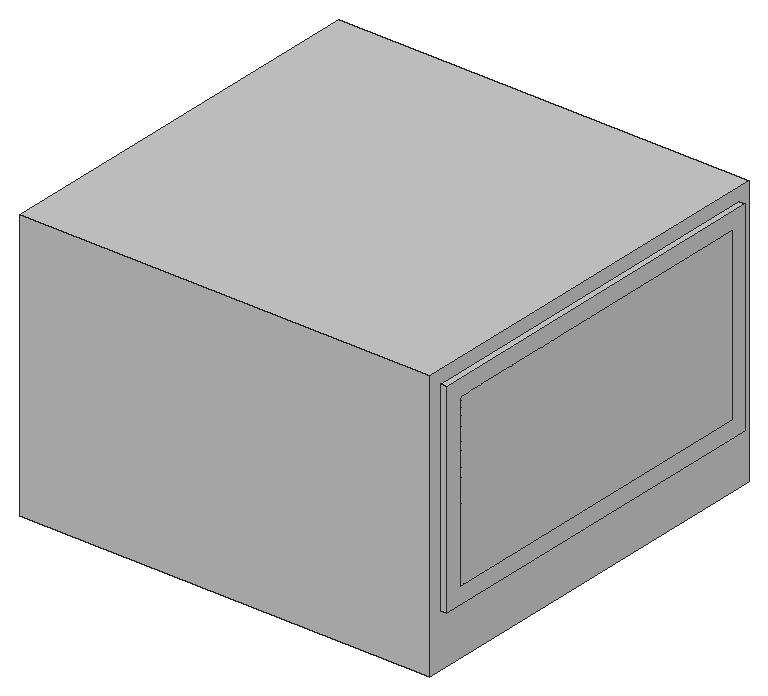
Revit family "VENTS-VKPFI", category Mechanical Equipment, Revit 2019
Family settings
  Round Connector Dimension = Use Diameter
  Classification = None
  Part Type = Breaks Into
  OmniClass Number = 23.75.35.17.11
  OmniClass Title = Fans for Air Ductwork
  Work Plane-Based = No
  Always vertical = Yes
  Cut with Voids When Loaded = No
  Shared = No
  Room Calculation Point = No
Parameters (values of type "VKPFI 4D 400х200")
  handleL = 145 mm
  handleB = 70 mm
  gsD = B / 2  # 200 mm
  eL = 120 mm
  eH = 70 mm
  dLFl = 8 mm
  dFl = 20 mm  # constant formula
  Weight = 29.00 kg
  Voltage = 400 V
  URL = "https://ventilation-system.com/product/vkpfi-4d-400x200"
  Type Comments = "Inline centrifugal fan VKPFI 4D 400х200"
  Transported Air Temperature (°C) = "-25...+45"
  RPM (min-1) = 1300
  Protection rating = "IP X4"
  Power Factor = 1
  Power = 282 W
  Plastic Material = Polypropylene Black
  Number of Poles = 3
  Noise Level at 3 m (dBa) = 43
  Model = "VKPFI 4D 400х200"
  Maximum Air Flow = 1470 m³/h
  Manufacturer = "Vents"
  Maintenance Zone Width = B3 + 300 mm  # 770 mm
  Maintenance Zone Material = Maintenance Zone
  Maintenance Zone Length = L  # 500 mm
  Maintenance Zone Height = 600 mm
  Maintenance Zone [instance] = no
  Load Classification = HVAC
  L = 500 mm
  Hb = 183 mm
  Ht = H3c - Hb  # 135 mm
  Handle2 = not(Handle1)  # no
  Handle1 = yes
  H3c = 318 mm
  H = 200 mm
  Flow direction symbol [instance] = yes
  Flow Factor [instance] = 1  # constant formula
  Flange = Handle1  # yes
  Family Version = "1.0"  # constant formula
  DistributionBox = Handle2  # no
  Description = "Inline sound- and heat-insulated centrifugal fan for rectangular ducts"
  Current = 0.6 A
  Copyright = "©Vents"
  Connection W = 400 mm
  Connection H = 200 mm
  Casing Material = Fan Zinc
  B3 = 470 mm
  B = 400 mm
  Apparent Power = Power / Power Factor  # 282 VA
  Air Flow [instance] = 0 m³/h
Types (16, lengths in mm): name | handleL | gsD | eL | eH | dLFl | Weight | Voltage | URL | Type Comments | Transported Air Temperature (°C) | RPM (min-1) | Power | Number of Poles | Noise Level at 3 m (dBa) | Model | Maximum Air Flow | Maintenance Zone Width | Maintenance Zone Length | L | Hb | Ht | Handle2 | Handle1 | H3c | H | Flange | DistributionBox | Current | Connection W | Connection H | B3 | B | Apparent Power
  VKPFI 4Е 400х200 | 145 | 200 | 120 | 70 | 8 | 29.00 kg | 230 V | "https://ventilation-system.com/product/vkpfi-4e-400x200" | "Inline centrifugal fan VKPFI 4Е 400х200" | "-25...+40" | 1350 | 295 W | 1 | 42 | "VKPFI 4Е 400х200" | 1440 m³/h | 770 | 500 | 500 | 183 | 135 | no | yes | 318 | 200 | yes | no | 1.32 A | 400 | 200 | 470 | 400 | 295 VA
  VKPFI 4D 400х200 | 145 | 200 | 120 | 70 | 8 | 29.00 kg | 400 V | "https://ventilation-system.com/product/vkpfi-4d-400x200" | "Inline centrifugal fan VKPFI 4D 400х200" | "-25...+45" | 1300 | 282 W | 3 | 43 | "VKPFI 4D 400х200" | 1470 m³/h | 770 | 500 | 500 | 183 | 135 | no | yes | 318 | 200 | yes | no | 0.6 A | 400 | 200 | 470 | 400 | 282 VA
  VKPFI 4Е 500х250 | 145 | 250 | 150 | 70 | 8 | 40.50 kg | 230 V | "https://ventilation-system.com/product/vkpfi-4e-500h250" | "Inline centrifugal fan VKPFI 4Е 500х250" | "-20...+40" | 1250 | 535 W | 1 | 44 | "VKPFI 4Е 500х250" | 1750 m³/h | 870 | 640 | 640 | 208 | 158 | no | yes | 366 | 250 | yes | no | 2.49 A | 500 | 250 | 570 | 500 | 535 VA
  VKPFI 4D 500х250 | 145 | 250 | 150 | 70 | 8 | 40.50 kg | 400 V | "https://ventilation-system.com/product/vkpfi-4d-500h250" | "Inline centrifugal fan VKPFI 4D 500х250" | "-20...+40" | 1270 | 570 W | 3 | 44 | "VKPFI 4D 500х250" | 1850 m³/h | 870 | 640 | 640 | 208 | 158 | no | yes | 366 | 250 | yes | no | 0.94 A | 500 | 250 | 570 | 500 | 570 VA
  VKPFI 4Е 500х300 | 145 | 250 | 170 | 70 | 8 | 52.50 kg | 230 V | "https://ventilation-system.com/product/vkpfi-4e-500h300" | "Inline centrifugal fan VKPFI 4Е 500х300" | "-25...+70" | 1230 | 710 W | 1 | 47 | "VKPFI 4Е 500х300" | 2350 m³/h | 870 | 680 | 680 | 234 | 182 | no | yes | 416 | 300 | yes | no | 3.1 A | 500 | 300 | 570 | 500 | 710 VA
  VKPFI 4D 500х300 | 145 | 250 | 170 | 70 | 8 | 52.50 kg | 400 V | "https://ventilation-system.com/product/vkpfi-4d-500h300" | "Inline centrifugal fan VKPFI 4D 500х300" | "-25...+50" | 1300 | 855 W | 3 | 47 | "VKPFI 4D 500х300" | 2350 m³/h | 870 | 680 | 680 | 234 | 182 | no | yes | 416 | 300 | yes | no | 1.7 A | 500 | 300 | 570 | 500 | 855 VA
  VKPFI 4Е 600х300 | 145 | 300 | 120 | 70 | 8 | 56.00 kg | 230 V | "https://ventilation-system.com/product/vkpfi-4e-600h300" | "Inline centrifugal fan VKPFI 4Е 600х300" | "-25...+50" | 1210 | 1240 W | 1 | 51 | "VKPFI 4Е 600х300" | 2950 m³/h | 970 | 680 | 680 | 254 | 182 | no | yes | 436 | 300 | yes | no | 6.45 A | 600 | 300 | 670 | 600 | 1240 VA
  VKPFI 4D 600х300 | 145 | 300 | 120 | 70 | 8 | 56.00 kg | 400 V | "https://ventilation-system.com/product/vkpfi-4d-600h300" | "Inline centrifugal fan VKPFI 4D 600х300" | "-25...+65" | 1310 | 1560 W | 3 | 50 | "VKPFI 4D 600х300" | 3740 m³/h | 970 | 680 | 680 | 254 | 182 | no | yes | 436 | 300 | yes | no | 2.73 A | 600 | 300 | 670 | 600 | 1560 VA
  VKPFI 4Е 600х350 | 145 | 300 | 180 | 70 | 8 | 72.00 kg | 230 V | "https://ventilation-system.com/product/vkpfi-4e-600h350" | "Inline centrifugal fan VKPFI 4Е 600х350" | "-20...+40" | 1260 | 2480 W | 1 | 51 | "VKPFI 4Е 600х350" | 4260 m³/h | 970 | 735 | 735 | 280 | 208 | no | yes | 488 | 350 | yes | no | 13.9 A | 600 | 350 | 670 | 600 | 2480 VA
  VKPFI 4D 600х350 | 145 | 300 | 180 | 70 | 8 | 72.00 kg | 400 V | "https://ventilation-system.com/product/vkpfi-4d-600h350" | "Inline centrifugal fan VKPFI 4D 600х350" | "-20...+40" | 1300 | 2460 W | 3 | 52 | "VKPFI 4D 600х350" | 5020 m³/h | 970 | 735 | 735 | 280 | 208 | no | yes | 488 | 350 | yes | no | 3.93 A | 600 | 350 | 670 | 600 | 2460 VA
  VKPFI 4D 700х400 | 145 | 350 | 372 | 212 | 0 | 103.00 kg | 400 V | "https://ventilation-system.com/product/vkpfi-4d-700h400" | "Inline centrifugal fan VKPFI 4D 700х400" | "-25...+40" | 1320 | 3630 W | 3 | 56 | "VKPFI 4D 700х400" | 6450 m³/h | 1100 | 880 | 880 | 322 | 252 | yes | no | 574 | 400 | no | yes | 6 A | 700 | 400 | 800 | 700 | 3630 VA
  VKPFI 6D 700х400 | 145 | 350 | 372 | 212 | 0 | 99.00 kg | 400 V | "https://ventilation-system.com/product/vkpfi-6d-700h400" | "Inline centrifugal fan VKPFI 6D 700х400" | "-20...+70" | 890 | 1150 W | 3 | 49 | "VKPFI 6D 700х400" | 4050 m³/h | 1100 | 880 | 880 | 322 | 252 | yes | no | 574 | 400 | no | yes | 2.3 A | 700 | 400 | 800 | 700 | 1150 VA
  VKPFI 4D 800х500 | 145 | 400 | 372 | 212 | 0 | 120.00 kg | 400 V | "https://ventilation-system.com/product/vkpfi-4d-800h500" | "Inline centrifugal fan VKPFI 4D 800х500" | "-25...+40" | 1140 | 5850 W | 3 | 61 | "VKPFI 4D 800х500" | 8120 m³/h | 1200 | 935 | 935 | 372 | 302 | yes | no | 674 | 500 | no | yes | 9.35 A | 800 | 500 | 900 | 800 | 5850 VA
  VKPFI 6D 800х500 | 145 | 400 | 372 | 212 | 0 | 127.00 kg | 400 V | "https://ventilation-system.com/product/vkpfi-6d-800h500" | "Inline centrifugal fan VKPFI 6D 800х500" | "-20...+50" | 830 | 2790 W | 3 | 53 | "VKPFI 6D 800х500" | 7610 m³/h | 1200 | 935 | 935 | 372 | 302 | yes | no | 674 | 500 | no | yes | 5.18 A | 800 | 500 | 900 | 800 | 2790 VA
  VKPFI 6D 900х500 | 175 | 450 | 372 | 212 | 0 | 142.00 kg | 400 V | "https://ventilation-system.com/product/vkpfi-6d-900h500" | "Inline centrifugal fan VKPFI 6D 900х500" | "-20...+55" | 930 | 3870 W | 3 | 55 | "VKPFI 6D 900х500" | 9540 m³/h | 1300 | 1000 | 1000 | 372 | 302 | yes | no | 674 | 500 | no | yes | 7 A | 900 | 500 | 1000 | 900 | 3870 VA
  VKPFI 6D 1000х500 | 175 | 500 | 372 | 212 | 0 | 150.00 kg | 400 V | "https://ventilation-system.com/product/vkpfi-6d-1000h500" | "Inline centrifugal fan VKPFI 6D 1000х500" | "-20...+55" | 930 | 3870 W | 3 | 55 | "VKPFI 6D 1000х500" | 9540 m³/h | 1400 | 1000 | 1000 | 372 | 302 | yes | no | 674 | 500 | no | yes | 7 A | 1000 | 500 | 1100 | 1000 | 3870 VA
Reference planes
  plane 1 "Center (Front/Back)": y = 0
  plane 2: z = 0
  plane 3 "Center (Left/Right)": x = 0
  plane 4 "Right": x = 500
  plane 5: y = 200
  plane 6: y = -200
  plane 7: z = 100
  plane 8 "Bottom": z = -183
  plane 9 "ElConL": x = 120
  plane 10 "Center": x = 250
  plane 11: z = -100
  plane 12: x = 8
  plane 13: x = 492
  plane 14 "Back": y = 235
  plane 15 "Front": y = -235
  plane 16 "Top": z = 135
  plane 17 "ElConH": z = -113
  plane 18 "Handle1B": y = -165
  plane 19 "Handle2L1": x = 145
  plane 20 "Handle2L2": x = 355
Forms (mm)
  Extrusion 1, solid, material "Fan Zinc" <- "Casing Material", detail levels medium+fine
    sketch origin (0, 0, 0) x (1, 0, 0) y (0, 1, 0)
      loop
        line (0, 200) -> (0, -200) -> (500, -200) -> (500, 200) -> (0, 200)
    from -100 to 100
  Sweep 2, solid, material "Fan Zinc" <- "Casing Material", visible <- "Flange", detail levels fine
    path in 3D
      loop
        line (0, -200, 100) -> (0, -200, -100) -> (0, 200, -100) -> (0, 200, 100) -> (0, -200, 100)
    profile origin (0, 0, 100) x (1, 0, 0) y (0, 0, 1)
      loop
        line (0, 0) -> (7, 0) -> (7, 20) -> (0, 20) -> (0, 0)
  Sweep 3, solid, material "Fan Zinc" <- "Casing Material", visible <- "Flange", detail levels fine
    path in 3D
      loop
        line (500, 200, 100) -> (500, 200, -100) -> (500, -200, -100) -> (500, -200, 100) -> (500, 200, 100)
    profile origin (500, 0, 100) x (-1, 0, 0) y (0, 0, 1)
      loop
        line (0, 0) -> (7, 0) -> (7, 20) -> (0, 20) -> (0, 0)
  Extrusion 4, solid, material "Fan Zinc" <- "Casing Material", detail levels medium+fine
    sketch origin (0, 0, 0) x (1, 0, 0) y (0, 1, 0)
      loop
        line (8, 235) -> (8, -235) -> (492, -235) -> (492, 235) -> (8, 235)
    from -183 to 135
  Extrusion 5, solid, material "Fan Zinc" <- "Casing Material", detail levels medium+fine
    sketch origin (0, 235, 0) x (-1, 0, 0) y (0, 0, 1)
      loop
        circle (-120, -113) r 10
    from 0 to 2
Cuts and joins
  joined: Extrusion 1, Extrusion 4
Lines and regions (mm)
  sketch lines
    curve 1: line (0, 200, 100) -> (0, -200, 100)
    curve 2: line (0, -200, 100) -> (0, -200, -100)
    curve 3: line (0, -200, -100) -> (0, 200, -100)
    curve 4: line (0, 200, 100) -> (0, 200, -100)
    curve 5: line (500, -200, 100) -> (500, 200, 100)
    curve 6: line (500, 200, 100) -> (500, 200, -100)
    curve 7: line (500, 200, -100) -> (500, -200, -100)
    curve 8: line (500, -200, 100) -> (500, -200, -100)
  model lines, detail levels coarse
    curve 9: line (0, 235, 0) -> (500, 235, 0)
    curve 10: line (0, -235, 0) -> (0, 235, 0)
    curve 11: line (500, -235, 0) -> (0, -235, 0)
    curve 12: line (500, 235, 0) -> (500, -235, 0)
Dimensions and locks
  "L": plane 3 "Center (Left/Right)" to plane 4 "Right"
  equal spacing: plane 5, plane 1 "Center (Front/Back)", plane 6
  "B": plane 5 to plane 6
  "dFl": Sweep 2 sketch curve to plane 7
  "dFl": Sweep 3 sketch curve to profile plane
  "eL": plane 3 "Center (Left/Right)" to plane 9 "ElConL"
  equal spacing: plane 3 "Center (Left/Right)", plane 10 "Center", plane 4 "Right"
  equal spacing: plane 7, level, plane 11
  "H": plane 7 to plane 11
  "dLFl": plane 3 "Center (Left/Right)" to plane 12
  "dLFl": plane 13 to plane 4 "Right"
  equal spacing: plane 15 "Front", plane 1 "Center (Front/Back)", plane 14 "Back"
  "B3": plane 14 "Back" to plane 15 "Front"
  "Hb": level to plane 8 "Bottom"
  "Ht": plane 16 "Top" to level
  "eH": plane 17 "ElConH" to plane 8 "Bottom"
  "handleB": plane 18 "Handle1B" to plane 15 "Front"
  "handleL": plane 3 "Center (Left/Right)" to plane 19 "Handle2L1"
  "handleL": plane 20 "Handle2L2" to plane 4 "Right"
  aligned and locked: level to plane 2
  aligned and locked: Extrusion 1 sketch curve to plane 5
  aligned and locked: plane 3 "Center (Left/Right)" to Extrusion 1 sketch curve
  aligned and locked: plane 6 to Extrusion 1 sketch curve
  aligned and locked: Extrusion 1 sketch curve to plane 4 "Right"
  aligned and locked: plane 7 to Extrusion 1
  aligned and locked: Extrusion 1 to plane 11
  aligned and locked: curve 10 to Extrusion 1
  aligned and locked: curve 12 to Extrusion 1
  aligned and locked: plane 10 "Center" to nested 1
  aligned and locked: plane 1 "Center (Front/Back)" to nested 1
  aligned and locked: plane 10 "Center" to nested 2
  aligned and locked: plane 2 to nested 2
  aligned and locked: plane 1 "Center (Front/Back)" to nested 3
  aligned and locked: plane 10 "Center" to nested 3
  aligned and locked: Extrusion 4 sketch curve to plane 14 "Back"
  aligned and locked: plane 12 to Extrusion 4 sketch curve
  aligned and locked: plane 15 "Front" to Extrusion 4 sketch curve
  aligned and locked: Extrusion 4 sketch curve to plane 13
  aligned and locked: Extrusion 4 to plane 8 "Bottom"
  aligned and locked: plane 16 "Top" to Extrusion 4
  aligned and locked: plane 18 "Handle1B" to nested 4
  aligned and locked: plane 10 "Center" to nested 4
  aligned and locked: nested 6 to plane 1 "Center (Front/Back)"
  aligned and locked: nested 5 to plane 1 "Center (Front/Back)"
  aligned and locked: plane 20 "Handle2L2" to nested 5
  aligned and locked: nested 6 to plane 19 "Handle2L1"
  aligned and locked: plane 9 "ElConL" to nested 7
  aligned and locked: plane 17 "ElConH" to nested 7
  aligned and locked: curve 9 to plane 14 "Back"
  aligned and locked: plane 15 "Front" to curve 11
  aligned and locked: plane 10 "Center" to nested 8
  aligned and locked: plane 15 "Front" to nested 8
Automatic sketch dimensions
  Extrusion 5 sketch curve to plane 9 "ElConL" = 0 mm
  Extrusion 5 sketch curve to plane 17 "ElConH" = 0 mm
  profile plane to Sweep 2 sketch curve = 0 mm
  Sweep 2 sketch curve to profile plane = 0 mm
  Sweep 2 sketch curve to profile plane = 7 mm
  Sweep 3 sketch curve to profile plane = 0 mm  (x2)
  Sweep 3 sketch curve to profile plane = 7 mm
  radius of Extrusion 5 sketch curve = 10 mm
Nested families
  nested 1: "GraphicalSymbol_Fun_FlowDirection" at (250, 0, 0), visible <- "Flow direction symbol", type "GraphicalSymbol_Fun_FlowDirection", detail levels medium+fine
  nested 2: "GraphicalSymbol_Fun_FlowDirection" at (250, 0, 0) x (1, 0, 0) z (0, 1, 0), visible <- "Flow direction symbol", type "GraphicalSymbol_Fun_FlowDirection", detail levels medium+fine
  nested 3: "GraphicalSymbol_Fan_2" at (250, 0, 0), type "GraphicalSymbol_Fan_2", detail levels coarse
    with Diameter 200 mm, B 96 mm, A 70 mm
  nested 4: "Handle" at (250, -165, -183) x (1, 0, 0) z (0, 0, -1), visible <- "Handle1", type "Handle", detail levels medium+fine
  nested 5: "Handle" at (355, 0, -183) x (0, 1, 0) z (0, 0, -1), visible <- "Handle2", type "Handle", detail levels medium+fine
  nested 6: "Handle" at (145, 0, -183) x (0, 1, 0) z (0, 0, -1), visible <- "Handle2", type "Handle", detail levels medium+fine
  nested 7: "DistributionBox" at (120, 235, -113) x (1, 0, 0) z (0, 1, 0), visible <- "DistributionBox", type "DistributionBox", detail levels medium+fine
    with Hcover 14 mm, Hcon 20 mm, H1 40 mm, ConD 20 mm, ConB 27 mm, ConA 27 mm, B 108 mm, A 108 mm
  nested 8: "MaintenanceZone_Rect" at (250, 150, -183), visible <- "Maintenance Zone", type "MaintenanceZone_Rect", detail levels medium+fine
    with Maintenance Zone Width 770 mm, Maintenance Zone Length 500 mm, Maintenance Zone Height 600 mm
Connectors
  hvac at (0, 0, 0), driven by "Connection H", driven by "Connection W", driven by "Air Flow", driven by "Flow Factor"
    settings: on Extrusion 1, index 1, duct flow 0 m³/h, flow factor 1, pres drop 0.0 Pa, loss coef 0, conn angle 0.00°, conn width 400 mm, conn height 200 mm, conn diameter 609.6 mm, duct sys type 29, conn prof type 1, flow config 0, flow direction 1, loss method 0, conn ref index 2, conn util no, is conn primary yes, conn desc ""
  hvac at (500, 0, 0), driven by "Connection H", driven by "Connection W", driven by "Flow Factor", driven by "Air Flow"
    settings: on Extrusion 1, index 2, duct flow 0 m³/h, flow factor 1, pres drop 0.0 Pa, loss coef 0, conn angle 0.00°, conn width 400 mm, conn height 200 mm, conn diameter 609.6 mm, duct sys type 29, conn prof type 1, flow config 0, flow direction 2, loss method 0, conn ref index 1, conn util no, is conn primary no, conn desc ""
  electrical at (120, 237, -113), driven by "Number of Poles", driven by "Load Classification", driven by "Voltage", driven by "Apparent Power", driven by "Power Factor"
    settings: on Extrusion 5, index 3, voltage 400 V, apparent load 282 VA, apparent load phase1 0 VA, apparent load phase2 0 VA, apparent load phase3 0 VA, power factor 1, load classification "HVAC", number of poles 3, system type 30, power factor state 1, is connector primary yes, connector utility no, sub classification motor no, connector description ""
Definition of nested family "Handle"
  Parameters (values of type "Handle")
    W = 24 mm
    Material = none
    L1 = 98 mm
    L = 145 mm
    H = 40 mm
    Default Elevation = 1219.2 mm
  Reference planes
    plane 1 "Center (Front/Back)": y = 0
    plane 2: z = 0
    plane 3 "Center (Left/Right)": x = 0
    plane 4: x = -72.5
    plane 5: x = 72.5
    plane 6: y = 12
    plane 7 "bottom": y = -12
    plane 8: x = -49
    plane 9: x = 49
    plane 10: z = 40
    plane 11: z = 26
  Forms (mm)
    Extrusion 1, solid, material <- "Material"
      sketch origin (0, 0, 0) x (1, 0, 0) y (0, 0, 1)
        loop
          line (-72.5, 0) -> (-41, 0) -> (-41, 16.533)
          arc (-41, 16.533) -> (-39.762, 20.813) -> (-36.43, 23.771) r 8.016
          arc (-36.43, 23.771) -> (0.006, 32) -> (36.44, 23.766) r 84.75
          arc (36.44, 23.766) -> (39.765, 20.814) -> (41, 16.543) r 8
          line (41, 16.543) -> (41, 0) -> (72.5, 0) -> (72.5, 7.018) -> (49, 7.018) -> (49, 21.445)
          arc (49, 21.445) -> (47.896, 25.489) -> (44.892, 28.412) r 7.962
          arc (44.892, 28.412) -> (0.015, 40) -> (-44.865, 28.427) r 92.75
          arc (-44.865, 28.427) -> (-47.889, 25.486) -> (-49, 21.417) r 8.01
          line (-49, 21.417) -> (-49, 7.018) -> (-72.5, 7.018) -> (-72.5, 0)
      from -12 to 12
  Dimensions and locks
    equal spacing: plane 5, plane 3 "Center (Left/Right)", plane 4
    "L": plane 5 to plane 4
    equal spacing: plane 9, plane 3 "Center (Left/Right)", plane 8
    "L1": plane 9 to plane 8
    "H": plane 10 to level
    plane 11 to level = 26 mm
    "W": plane 6 to plane 7 "bottom"
    equal spacing: plane 6, plane 1 "Center (Front/Back)", plane 7 "bottom"
    aligned and locked: level to plane 2
    aligned and locked: plane 6 to Extrusion 1
    aligned and locked: Extrusion 1 to plane 7 "bottom"
  Automatic sketch dimensions
    Extrusion 1 sketch curve to Extrusion 1 sketch curve = 0 mm  (x4)
    Extrusion 1 sketch curve to level = 0 mm  (x2)
    Extrusion 1 sketch curve to plane 4 = 0 mm
    Extrusion 1 sketch curve to plane 8 = 0 mm
    Extrusion 1 sketch curve to plane 3 "Center (Left/Right)" = 0 mm
    Extrusion 1 sketch curve to plane 9 = 0 mm
    Extrusion 1 sketch curve to plane 5 = 0 mm
    plane 8 to Extrusion 1 sketch curve = 8 mm
    Extrusion 1 sketch curve to Extrusion 1 sketch curve = 0.01 mm
    Extrusion 1 sketch curve to Extrusion 1 sketch curve = 8.016 mm
    Extrusion 1 sketch curve to plane 9 = 16 mm
    Extrusion 1 sketch curve to plane 9 = 8 mm
    Extrusion 1 sketch curve to Extrusion 1 sketch curve = 0.038 mm
    Extrusion 1 sketch curve to level = 52.75 mm
    level to Extrusion 1 sketch curve = 7.018 mm  (x2)
    Extrusion 1 sketch curve to plane 11 = 9.467 mm
    Extrusion 1 sketch curve to plane 11 = 9.457 mm
    Extrusion 1 sketch curve to plane 11 = 4.583 mm
    Extrusion 1 sketch curve to plane 11 = 4.555 mm
Definition of nested family "DistributionBox"
  Parameters (values of type "DistributionBox")
    Hcover = 10 mm
    Hcon = H1 / 2  # 12.5 mm
    H1 = 25 mm
    Distribution Box Material = none
    Default Elevation = 1219.2 mm
    ConD = 12 mm
    ConB = B / 4  # 12.5 mm
    ConA = A / 4  # 12.5 mm
    B = A  # 50 mm
    A = 50 mm
  Reference planes
    plane 1 "Center (Front/Back)": y = 0
    plane 2: z = 0
    plane 3 "Center (Left/Right)": x = 0
    plane 4: x = -25
    plane 5: x = 25
    plane 6: y = 25
    plane 7 "bottom": y = -25
    plane 8: z = 25
    plane 9: z = 35
    plane 10: x = -12.5
    plane 11: x = 12.5
    plane 12: y = 12.5
    plane 13: y = -12.5
    plane 14: z = 12.5
  Forms (mm)
    Extrusion 1, solid, material <- "Distribution Box Material"
      sketch origin (0, 0, 0) x (1, 0, 0) y (0, 1, 0)
        loop
          arc (-22, 25) -> (-24.121, 24.121) -> (-25, 22) r 3
          line (-25, 22) -> (-25, -22)
          arc (-25, -22) -> (-24.121, -24.121) -> (-22, -25) r 3
          line (-22, -25) -> (22, -25)
          arc (22, -25) -> (24.121, -24.121) -> (25, -22) r 3
          line (25, -22) -> (25, 22)
          arc (25, 22) -> (24.121, 24.121) -> (22, 25) r 3
          line (22, 25) -> (-22, 25)
      from 0 to 25
    Extrusion 2, solid, material <- "Distribution Box Material"
      sketch origin (0, 0, 0) x (1, 0, 0) y (0, 1, 0)
        loop
          arc (-22, 25) -> (-24.121, 24.121) -> (-25, 22) r 3
          line (-25, 22) -> (-25, -22)
          arc (-25, -22) -> (-24.121, -24.121) -> (-22, -25) r 3
          line (-22, -25) -> (22, -25)
          arc (22, -25) -> (24.121, -24.121) -> (25, -22) r 3
          line (25, -22) -> (25, 22)
          arc (25, 22) -> (24.121, 24.121) -> (22, 25) r 3
          line (22, 25) -> (-22, 25)
      from 25 to 35
    Extrusion 3, void
      sketch origin (-568.953, -25, 1200) x (1, 0, 0) y (0, 0, 1)
        loop
          circle (556.453, -1187.5) r 6
      from -2.025 to 0
  Cuts and joins
    Extrusion 3 cuts Extrusion 1
    Extrusion 3 cuts Extrusion 2
  Dimensions and locks
    equal spacing: plane 6, plane 1 "Center (Front/Back)", plane 7 "bottom"
    equal spacing: plane 4, plane 3 "Center (Left/Right)", plane 5
    "A": plane 6 to plane 7 "bottom"
    "B": plane 4 to plane 5
    "H1": level to plane 8
    "Hcover": plane 8 to plane 9
    "ConA": plane 1 "Center (Front/Back)" to plane 12
    "ConA": plane 13 to plane 1 "Center (Front/Back)"
    "ConB": plane 10 to plane 3 "Center (Left/Right)"
    "ConB": plane 3 "Center (Left/Right)" to plane 11
    "Hcon": plane 14 to level
    "ConD": diameter of Extrusion 3 sketch curve
    aligned and locked: level to plane 2
    aligned and locked: Extrusion 1 sketch curve to plane 6
    aligned and locked: plane 4 to Extrusion 1 sketch curve
    aligned and locked: plane 7 "bottom" to Extrusion 1 sketch curve
    aligned and locked: Extrusion 1 sketch curve to plane 5
    aligned and locked: plane 8 to Extrusion 1
    aligned and locked: plane 4 to Extrusion 2 sketch curve
    aligned and locked: Extrusion 2 sketch curve to plane 5
    aligned and locked: Extrusion 2 sketch curve to plane 6
    aligned and locked: plane 7 "bottom" to Extrusion 2 sketch curve
    aligned and locked: Extrusion 2 to plane 8
    aligned and locked: plane 9 to Extrusion 2
  Automatic sketch dimensions
    Extrusion 1 sketch curve to Extrusion 1 sketch curve = 3 mm  (x2)
    Extrusion 1 sketch curve to plane 5 = 3 mm  (x2)
    plane 4 to Extrusion 2 sketch curve = 3 mm
    Extrusion 2 sketch curve to Extrusion 2 sketch curve = 3 mm
    Extrusion 2 sketch curve to plane 5 = 3 mm  (x2)
    Extrusion 3 sketch curve to plane 10 = 0 mm
    Extrusion 3 sketch curve to plane 14 = 0 mm
Definition of nested family "MaintenanceZone_Rect"
  Parameters (values of type "MaintenanceZone_Rect")
    Maintenance Zone Width = 500 mm
    Material = none
    Maintenance Zone Length = 1000 mm
    Maintenance Zone Height = 300 mm
    Family Version = ""
    Default Elevation = 1219.2 mm
    Copyright = ""
  Reference planes
    plane 1 "Center (Front/Back)": y = 0
    plane 2: z = 0
    plane 3 "Center (Left/Right)": x = 0
    plane 4: x = -500
    plane 5: x = 500
    plane 6: y = 250
    plane 7: y = -250
    plane 8: z = -300
  Forms (mm)
    Extrusion 1, solid, material <- "Material", detail levels medium+fine
      sketch origin (0, 0, 0) x (1, 0, 0) y (0, 1, 0)
        loop
          line (-500, 250) -> (-500, -250) -> (500, -250) -> (500, 250) -> (-500, 250)
      from 0 to -300
  Lines and regions (mm)
    symbolic lines, detail levels medium+fine
      curve 1: line (-500, 0, 0) -> (500, 0, 0)
      curve 2: line (-500, 0, -300) -> (-500, 0, 0)
      curve 3: line (500, 0, -300) -> (-500, 0, -300)
      curve 4: line (500, 0, 0) -> (500, 0, -300)
      curve 5: line (0, 250, 0) -> (0, -250, 0)
      curve 6: line (0, 250, -300) -> (0, 250, 0)
      curve 7: line (0, -250, -300) -> (0, 250, -300)
      curve 8: line (0, -250, 0) -> (0, -250, -300)
      curve 9: line (-500, 250, 0) -> (500, 250, 0)
      curve 10: line (-500, -250, 0) -> (-500, 250, 0)
      curve 11: line (500, -250, 0) -> (-500, -250, 0)
      curve 12: line (500, 250, 0) -> (500, -250, 0)
  Dimensions and locks
    equal spacing: plane 6, plane 1 "Center (Front/Back)", plane 7
    equal spacing: plane 4, plane 3 "Center (Left/Right)", plane 5
    "Maintenance Zone Width": plane 6 to plane 7
    "Maintenance Zone Length": plane 4 to plane 5
    "Maintenance Zone Height": plane 2 to plane 8
    aligned and locked: level to plane 2
    aligned and locked: Extrusion 1 sketch curve to plane 6
    aligned and locked: plane 4 to Extrusion 1 sketch curve
    aligned and locked: plane 7 to Extrusion 1 sketch curve
    aligned and locked: Extrusion 1 sketch curve to plane 5
    aligned and locked: Extrusion 1 to plane 8
    aligned and locked: curve 1 to Extrusion 1
    aligned and locked: curve 2 to Extrusion 1
    aligned and locked: curve 3 to Extrusion 1
    aligned and locked: curve 4 to Extrusion 1
    aligned and locked: curve 5 to Extrusion 1
    aligned and locked: curve 6 to Extrusion 1
    aligned and locked: curve 7 to Extrusion 1
    aligned and locked: curve 8 to Extrusion 1
    aligned and locked: curve 9 to Extrusion 1
    aligned and locked: curve 10 to Extrusion 1
    aligned and locked: curve 11 to Extrusion 1
    aligned and locked: curve 12 to Extrusion 1
Definition of nested family "GraphicalSymbol_Fun_FlowDirection"
  Parameters (values of type "GraphicalSymbol_Fun_FlowDirection")
    Length = 100 mm
    Height = Length  # 100 mm
    B = Length / 2  # 50 mm
    A = Length / 3  # 33.333 mm
  Reference planes
    plane 1 "Center (Front/Back)": y = 0
    plane 2: z = 0
    plane 3 "Center (Left/Right)": x = 0
    plane 4: x = -33.333
    plane 5: x = 50
    plane 6: y = 50
    plane 7: y = -50
  Lines and regions (mm)
    detail lines, in view "Ref. Level"
      curve 1: line (-33.333, 50, 0) -> (-33.333, -50, 0)
      curve 2: line (50, 0, 0) -> (-33.333, -50, 0)
      curve 3: line (50, 0, 0) -> (-33.333, 50, 0)
  Dimensions and locks
    "A": plane 4 to plane 3 "Center (Left/Right)"
    "B": plane 3 "Center (Left/Right)" to plane 5
    equal spacing: plane 6, plane 1 "Center (Front/Back)", plane 7
    "Height": plane 6 to plane 7
    aligned and locked: curve 1 to plane 4
  Automatic sketch dimensions
    plane 1 "Center (Front/Back)" to curve 3 = 0 mm
    curve 3 to plane 5 = 0 mm
    curve 2 to plane 7 = 0 mm
    curve 3 to plane 6 = 0 mm
Definition of nested family "GraphicalSymbol_Fan_2"
  Parameters (values of type "GraphicalSymbol_Fan_2")
    Diameter = 100 mm
    Default Elevation = 1219.2 mm
    B = Diameter * 0.48  # 48 mm
    A = Diameter * 0.35  # 35 mm
  Reference planes
    plane 1 "Center (Front/Back)": y = 0
    plane 2: z = 0
    plane 3 "Center (Left/Right)": x = 0
    plane 4: x = -35
    plane 5: x = 48
  Lines and regions (mm)
    model lines
      curve 1: circle (0, 0, 0) r 50 normal (0, 0, 1)
      curve 4: line (-35, 35.707, 0) -> (48, 14, 0)
      curve 5: line (-35, -35.707, 0) -> (48, -14, 0)
    reference lines
      curve 2: line (50, 141.389, 0) -> (50, -158.611, 0)
      curve 3: line (-50, 141.389, 0) -> (-50, -158.611, 0)
  Dimensions and locks
    equal spacing: curve 3, plane 3 "Center (Left/Right)", curve 2
    "Diameter": curve 3 to curve 2
    "A": plane 4 to plane 3 "Center (Left/Right)"
    "B": plane 3 "Center (Left/Right)" to plane 5
    "Diameter": diameter of curve 1
    aligned and locked: level to plane 2
  Automatic sketch dimensions
    curve 4 to plane 4 = 0 mm
    curve 5 to plane 4 = 0 mm
    plane 1 "Center (Front/Back)" to curve 1 = 0 mm
    curve 1 to plane 3 "Center (Left/Right)" = 0 mm
    curve 5 to plane 5 = 0 mm
    curve 4 to plane 5 = 0 mm
    plane 1 "Center (Front/Back)" to curve 2 = 158.611 mm
    curve 3 to curve 2 = 0 mm  (x2)
    curve 3 to plane 1 "Center (Front/Back)" = 141.389 mm
